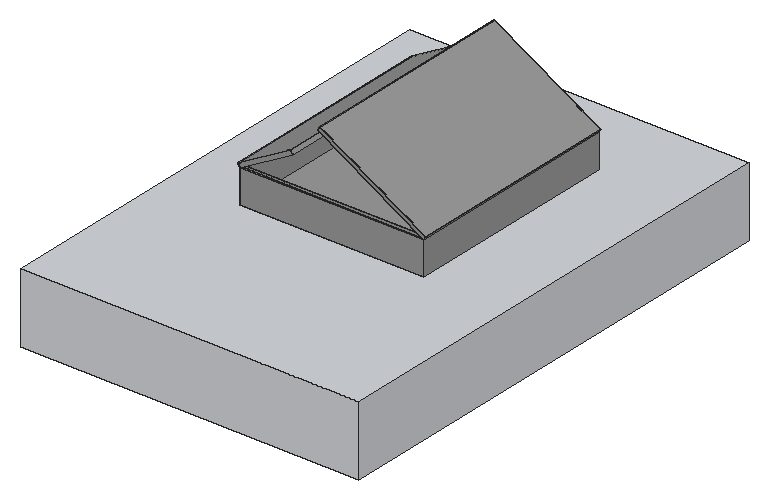
Revit family "Hager-Univers-IP44-D161-Cl.II-FWB-encl--PL-pl", category Equipement électrique, Revit 2020 (continued)
Types (19, lengths in mm): name | Width Control | Thickness Door | Min Depth | Height Control | HG000010 - Drzwi asymetryczne | HG000009 - Drzwi dwuskrzydłowe | HG000004 - Referencja producenta | EF009554 - Liczba otworów pod flansze | EF009212 - Wykonanie pokrywy | EF009171 - Drzwi/pokrywa z materiału o wysokiej wytrzymałości mechanicznej | EF009170 - Obudowa z materiału o wysokiej wytrzymałości mechanicznej | EF004464 - Rodzaj drzwi | EF004427 - Liczba modułów | EF001131 - Głębokość wewnętrzna | EF000437 - Liczba wejść kablowych | EF000339 - Rodzaj pokrywy | EF000040 - Wysokość | EF000008 - Szerokość | Door Height | Connector Offset
  Montaż natynkowy IP44 S550 W650 G161  - FWB42D | 550 | 1 | 3 | 650 | no | no | "FWB42D" | 4 | "EV000116 - Zamknięty" | 1 | 1 | "EV000494 - Brak" | 96 | 160 | 8 | "EV004216 - Drzwi" | 650 | 550 | 650 | 325
  Montaż natynkowy IP44 S550 W800 G161  - FWB52D | 550 | 1 | 3 | 800 | no | no | "FWB52D" | 4 | "EV000116 - Zamknięty" | 1 | 1 | "EV000494 - Brak" | 120 | 160 | 8 | "EV004216 - Drzwi" | 800 | 550 | 800 | 400
  Montaż natynkowy IP44 S550 W950 G161  - FWB62D | 550 | 1 | 3 | 950 | no | no | "FWB62D" | 4 | "EV000116 - Zamknięty" | 1 | 1 | "EV000494 - Brak" | 144 | 160 | 8 | "EV004216 - Drzwi" | 950 | 550 | 950 | 475
  Montaż natynkowy IP44 S800 W1100 G161  - FWB73D | 800 | 1 | 3 | 1100 | yes | yes | "FWB73D" | 6 | "EV000116 - Zamknięty" | 1 | 1 | "EV003602 - Podwójny" | 252 | 156 | 12 | "EV004216 - Drzwi" | 1100 | 800 | 1100 | 550
  Montaż natynkowy IP44 S800 W500 G161  - FWB33D | 800 | 1 | 3 | 500 | yes | yes | "FWB33D" | 6 | "EV000116 - Zamknięty" | 1 | 1 | "EV000494 - Brak" | 108 | 160 | 12 | "EV004216 - Drzwi" | 500 | 800 | 500 | 250
  Montaż natynkowy IP44 S800 W650 G161  - FWB43D | 800 | 1 | 5 | 650 | yes | yes | "FWB43D" | 6 | "EV009916 - Z otworem" | 1 | 2 | "EV000494 - Brak" | 144 | 160 | 12 | "EV004216 - Drzwi" | 650 | 800 | 650 | 325
  Montaż natynkowy IP44 S800 W800 G161  - FWB53D | 800 | 1 | 5 | 800 | yes | yes | "FWB53D" | 6 | "EV000116 - Zamknięty" | 1 | 2 | "EV000494 - Brak" | 180 | 160 | 12 | "EV004216 - Drzwi" | 800 | 800 | 800 | 400
  Montaż natynkowy IP44 S800 W950 G161  - FWB63D | 800 | 1 | 3 | 950 | yes | yes | "FWB63D" | 6 | "EV000116 - Zamknięty" | 1 | 1 | "EV000494 - Brak" | 216 | 156 | 12 | "EV004216 - Drzwi" | 950 | 800 | 950 | 475
